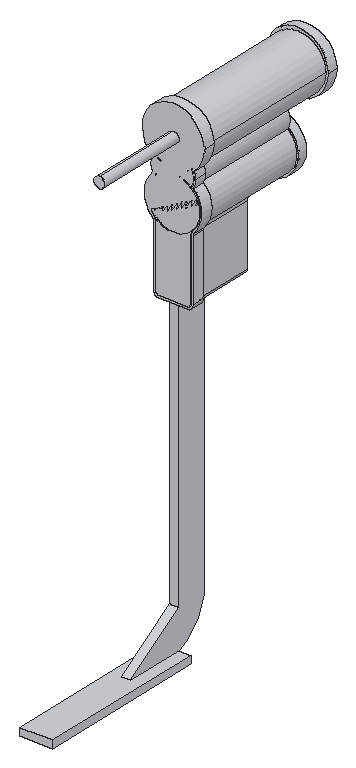
Revit family "HUNTER_WSS-SEN", category Electrical Fixtures, host Face, Revit 2017
Family settings
  Host = Face
  Maintain Annotation Orientation = No
  Round Connector Dimension = Use Diameter
  Part Type = Normal
  OmniClass Number = 23.27.11.11.23
  Cut with Voids When Loaded = No
  Shared = Yes
  Room Calculation Point = No
Parameters (values of type "WSS-SEN")
  Wireless = Wireless : Wireless
  WireType_Range_15_30_Meter = 18000 mm
  Sensor Width = 220 mm
  Sensor Height = 110 mm
  Sensor Depth = 25 mm
  Wireless Antenna = yes
  Distance Coverage = 240000 mm
  URL = "https://www.hunterindustries.com/irrigation-product/sensors/solar-syncr"
  Type Comments = "WSS-SEN® Sensor"
  Sensor Wiring = "Wireless Sensor"
  Sensor Symbol = yes
  Sensor Coverage Zone = yes
  SOLAR-SYNC® Model = "Wireless Solar-Sync Sensor"
  Power = 72 VA
  Model = "WSS-SEN"
  Manufacturer = "Hunter® Industries"
  Keynote = "32 84 23.05"
  Frequency = 433000000 Hz  # constant formula
  Description = "SOLAR-SYNC® Advanced Wireless weather sensor"
  Default Elevation = 1219.2 mm
  Assembly Code = "G4030100"
Reference planes
  plane 1 "Center (Front/Back)": y = 0
  plane 2: z = 0
  plane 3 "Center (Left/Right)": x = 0
Dimensions and locks
  aligned and locked: plane 2 to host face
  aligned and locked: level to host face
Nested families
  nested 1: "Coverage Symbol" at (0, 0, 168.529) x (-1, 0, 0) z (0, -1, 0), visible <- "Sensor Coverage Zone", Coverage <- "Distance Coverage", type "Coverage Symbol"
    with Extension_2 262000 mm, Extension_1 247000 mm, Ext.02 no, Ext.01 no, Coverage 240000 mm
  nested 2: "Solar-Sync" at (0, 0, 0), type "Solar-Sync"
    with Freeze Sensor yes
  nested 3: "Wireless" at (0, 0, 33.049), type <- "Wireless", visible <- "Wireless Antenna", type "Wireless"
  nested 4: "HUNTER SOLAR-SYNC SYMBOL" at (0, 0, 168.529) x (1, 0, 0) z (0, -1, 0), visible <- "Sensor Symbol", type "SYMBOL"
Definition of nested family "Solar-Sync"
  Parameters (values of type "Solar-Sync")
    Freeze Sensor [instance] = yes
  Reference planes
    plane 1 "Center (Front/Back)": y = 0
    plane 2: z = 0
    plane 3 "Center (Left/Right)": x = 0
  Forms (mm)
    Extrusion 1, solid
      sketch origin (50.918, 25.367, 9.274) x (0, 0, 1) y (1, 0, 0)
        loop
          line (157.243, -43.298) -> (130.384, -43.298)
          arc (130.384, -43.298) -> (129.323, -43.737) -> (128.884, -44.798) r 1.5
          line (128.884, -44.798) -> (128.884, -57.038)
          arc (128.884, -57.038) -> (129.323, -58.099) -> (130.384, -58.538) r 1.5
          line (130.384, -58.538) -> (157.243, -58.538)
          arc (157.243, -58.538) -> (158.119, -58.725) -> (158.9, -59.163) r 3.005
          arc (158.9, -59.163) -> (156.302, -55.399) -> (155.387, -50.918) r 11.43
          arc (155.387, -50.918) -> (156.302, -46.437) -> (158.9, -42.673) r 11.43
          arc (158.9, -42.673) -> (158.119, -43.11) -> (157.243, -43.298) r 3.005
      from 0 to 30
    Extrusion 2, solid
      sketch origin (50.918, 25.367, 9.274) x (0, 0, 1) y (1, 0, 0)
        loop
          circle (166.817, -50.918) r 11.43
      from 0 to 56
    Extrusion 3, solid
      sketch origin (50.918, 25.367, 9.274) x (0, 0, 1) y (1, 0, 0)
        loop
          circle (166.817, -50.918) r 12.43
      from 52 to 56
    Extrusion 4, solid
      sketch origin (0, 25.367, 0) x (0, 0, 1) y (0, 1, 0)
        loop
          line (138.158, 13.714) -> (19.057, 13.714)
          arc (19.057, 13.714) -> (9.487, 9.078) -> (3.19, 0.51) r 22.099
          line (3.19, 0.51) -> (3.19, -25.367) -> (20.036, 0.51) -> (138.158, 0.51) -> (138.158, 13.714)
      from -2 to 2
    Extrusion 5, solid
      sketch origin (0, 25.367, 0) x (0, 0, 1) y (1, 0, 0)
        loop
          line (3.19, 7) -> (0, 7) -> (0, -7) -> (3.19, -7) -> (3.19, 7)
      from -74.075 to 0.51
    Extrusion 6, solid
      sketch origin (0, 0, 0) x (1, 0, 0) y (0, 0, 1)
        loop
          circle (0, 201.223) r 12.05
      from -30.346 to -92.378
    Extrusion 7, solid
      sketch origin (0, 0, 0) x (1, 0, 0) y (0, 0, 1)
        loop
          circle (0, 201.223) r 13.359
      from -96.714 to -92.378
    Extrusion 8, solid
      sketch origin (0, 0, 0) x (1, 0, 0) y (0, 0, 1)
        loop
          arc (7.683, 184.553) -> (8.644, 188.304) -> (7.871, 192.099) r 8.647
          arc (7.871, 192.099) -> (0, 189.173) -> (-7.871, 192.099) r 12.05
          arc (-7.871, 192.099) -> (-8.644, 188.304) -> (-7.683, 184.553) r 8.647
          arc (-7.683, 184.553) -> (0, 187.52) -> (7.683, 184.553) r 11.43
      from -25.367 to -77.367
    Extrusion 9, solid
      sketch origin (0, 0, 0) x (1, 0, 0) y (0, 0, 1)
        loop
          arc (-13.352, 200.791) -> (-12.18, 195.737) -> (-9.172, 191.51) r 13.359
          arc (-9.172, 191.51) -> (-9.638, 188.118) -> (-8.891, 184.777) r 9.647
          arc (-8.891, 184.777) -> (-12.43, 176.174) -> (-9.007, 167.524) r 12.43
          arc (-9.007, 167.524) -> (-8.74, 167.031) -> (-8.62, 166.483) r 2.005
          line (-8.62, 166.483) -> (-8.62, 139.658)
          arc (-8.62, 139.658) -> (-7.888, 137.89) -> (-6.12, 137.158) r 2.5
          line (-6.12, 137.158) -> (6.12, 137.158)
          arc (6.12, 137.158) -> (7.888, 137.89) -> (8.62, 139.658) r 2.5
          line (8.62, 139.658) -> (8.62, 166.483)
          arc (8.62, 166.483) -> (8.74, 167.031) -> (9.007, 167.524) r 2.005
          arc (9.007, 167.524) -> (12.43, 176.174) -> (8.891, 184.777) r 12.43
          arc (8.891, 184.777) -> (9.456, 186.611) -> (9.647, 188.52) r 9.647
          arc (9.647, 188.52) -> (9.527, 190.034) -> (9.172, 191.51) r 9.647
          arc (9.172, 191.51) -> (12.267, 195.934) -> (13.359, 201.223) r 13.359
          arc (13.359, 201.223) -> (-0.216, 214.58) -> (-13.352, 200.791) r 13.359
      from -25.367 to -30.346
  Dimensions and locks
    aligned and locked: level to plane 2
Definition of nested family "Wireless"
  Reference planes
    plane 1 "Center (Front/Back)": y = 0
    plane 2: z = 0
    plane 3 "Center (Left/Right)": x = 0
  Forms (mm)
    Extrusion 1, solid
      sketch origin (0, 0, 0) x (1, 0, 0) y (0, 0, 1)
        loop
          circle (0, 168.449) r 2.307
      from -25.367 to 14.6
  Dimensions and locks
    aligned and locked: level to plane 2
Definition of nested family "Coverage Symbol"
  Parameters (values of type "Coverage Symbol")
    Extension_2 [instance] = Extension_1 + 15000 mm  # 30000 mm
    Extension_1 [instance] = Coverage + 7000 mm  # 15000 mm
    Ext.02 [instance] = yes
    Ext.01 [instance] = yes
    Coverage [instance] = 8000 mm
  Reference planes
    plane 1 "Center (Front/Back)": y = 0
    plane 2: z = 0
    plane 3 "Center (Left/Right)": x = 0
  Lines and regions (mm)
    Filled region 1, type "Concrete", in view "Ref. Level"
      outline origin (0, 0, 0) x (1, 0, 0) y (0, 1, 0)
        loop
          circle (0, 0) r 8000
    Filled region 2, type "Concrete 2", in view "Ref. Level", visible <- "Ext.01"
      outline origin (0, 0, 0) x (1, 0, 0) y (0, 1, 0)
        loop
          circle (0, 0) r 8000
        loop
          circle (0, 0) r 15000
    Filled region 3, type "Concrete 3", in view "Ref. Level", visible <- "Ext.02"
      outline origin (0, 0, 0) x (1, 0, 0) y (0, 1, 0)
        loop
          circle (0, 0) r 15000
        loop
          circle (0, 0) r 30000
  Dimensions and locks
    "Coverage": radius of Filled region 1 sketch curve
    "Coverage": radius of Filled region 2 sketch curve
    "Extension_1": radius of Filled region 2 sketch curve
    "Extension_1": radius of Filled region 3 sketch curve
    "Extension_2": radius of Filled region 3 sketch curve
  Automatic sketch dimensions
    plane 1 "Center (Front/Back)" to Filled region 1 sketch curve = 0 mm
    Filled region 1 sketch curve to plane 3 "Center (Left/Right)" = 0 mm
    Filled region 2 sketch curve to Filled region 2 sketch curve = 0 mm  (x6)
    Filled region 2 sketch curve to plane 1 "Center (Front/Back)" = 0 mm
    Filled region 2 sketch curve to plane 3 "Center (Left/Right)" = 0 mm
    Filled region 3 sketch curve to Filled region 3 sketch curve = 0 mm  (x6)
    Filled region 3 sketch curve to plane 1 "Center (Front/Back)" = 0 mm
    Filled region 3 sketch curve to plane 3 "Center (Left/Right)" = 0 mm
Definition of nested family "HUNTER SOLAR-SYNC SYMBOL"
  Parameters (values of type "SYMBOL")
    Solar Sync Receiver = no
    Solar Sync = yes
    Rain Clik Receiver = no
    Rain Clik = no
    Flow Clik Module = no
    Flow Clik = no
  Reference planes
    plane 1 "Center (Front/Back)": y = 0
    plane 2: z = 0
    plane 3 "Center (Left/Right)": x = 0
  Lines and regions (mm)
    detail lines, in view "Ref. Level"
      curve 1: circle (0, 0, 0) r 150 normal (0, 0, 1)
